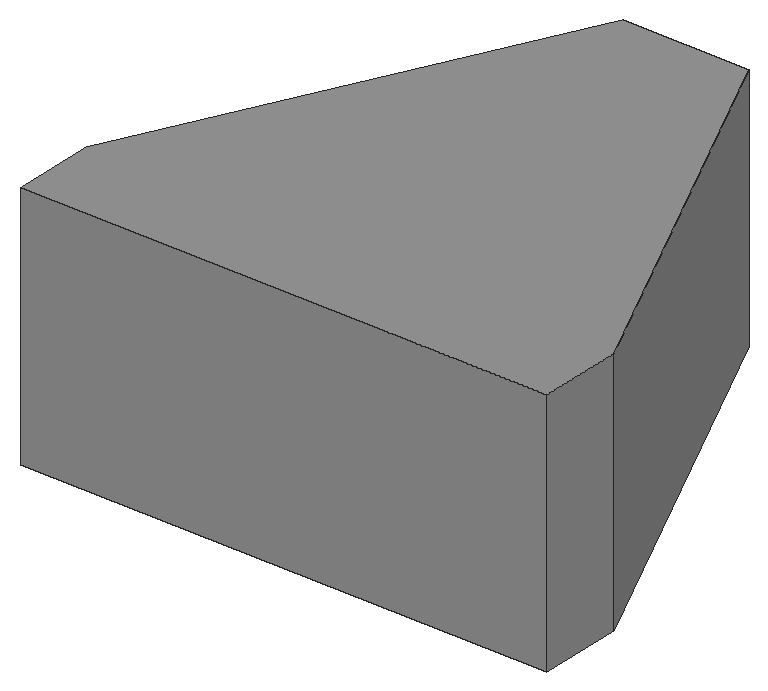
Revit family "SFND_Pile Cap Triangular", category Structural Foundations, Revit 2024
Family settings
  Material for Model Behavior = Concrete
  Cap = No
  OmniClass Number = 23.25.05.11.11.27
  OmniClass Title = Pile Caps
  Work Plane-Based = No
  Always vertical = Yes
  Cut with Voids When Loaded = No
  Shared = No
  Show family pre-cut in plan views = Yes
Parameters (values of type "1600 x 1675 x 790")
  Width = 1675.00 mm
  Structural Material [instance] = _Concrete
  Length = 1600.00 mm
  EA_Repath [instance] = 0.00 mm
  Assembly Code = "A1010100"
  Thickness = 790.00 mm
  b = 0.75 * x  # 399.60 mm
  x = 0.333 * Length  # 532.80 mm
Reference planes
  plane 1 "Center (Front/Back)": y = 0
  plane 2: z = 0
  plane 3 "Center (Left/Right)": x = 0
  plane 4: z = -790
  plane 5: y = 1067.2
  plane 6: y = -532.8
  plane 7: x = -837.5
  plane 8: x = 837.5
  plane 9: x = -199.8
  plane 10: x = 199.8
  plane 11: y = -266.4
Forms (mm)
  Extrusion 1, solid, material "_Concrete" <- "Structural Material"
    sketch origin (0, 0, 0) x (1, 0, 0) y (0, 1, 0)
      loop
        line (-837.5, -532.8) -> (837.5, -532.8) -> (837.5, -266.4) -> (199.8, 1067.2) -> (-199.8, 1067.2) -> (-837.5, -266.4) -> (-837.5, -532.8)
    from -790 to 0
Dimensions and locks
  "Thickness": plane 2 to plane 4
  "Length": plane 6 to plane 5
  equal spacing: plane 7, plane 3 "Center (Left/Right)", plane 8
  "Width": plane 7 to plane 8
  plane 6 to plane 1 "Center (Front/Back)" = 532.80 mm
  equal spacing: plane 9, plane 3 "Center (Left/Right)", plane 10
  "x": plane 6 to plane 1 "Center (Front/Back)"
  equal spacing: plane 6, plane 11, plane 1 "Center (Front/Back)"
  "b": plane 9 to plane 10
  aligned and locked: plane 6 to Extrusion 1 sketch curve  (x2)
  aligned and locked: plane 9 to Extrusion 1 sketch curve
  aligned and locked: plane 10 to Extrusion 1 sketch curve
  aligned and locked: plane 5 to Extrusion 1 sketch curve
  aligned and locked: plane 4 to Extrusion 1
  aligned and locked: level to Extrusion 1
  aligned and locked: plane 11 to Extrusion 1 sketch curve  (x2)
  aligned and locked: Extrusion 1 sketch curve to plane 7
  aligned and locked: Extrusion 1 sketch curve to plane 8
